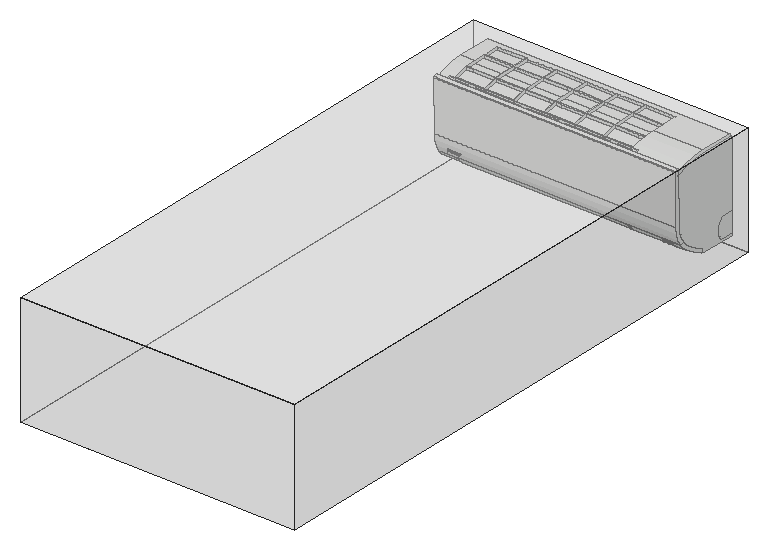
Revit family "outputfile", category 機械設備, Revit 2024
Family settings
  丸型コネクタ寸法 = 半径を使用
  パーツ タイプ = 標準
  OmniClass 番号 = 23.75.10.24.21.27.27
  OmniClass タイトル = Split System Air Conditioning Units
  作業面ベース = いいえ
  常に垂直 = はい
  ロード時にボイドで切り取り = いいえ
  注釈の向きを維持 = いいえ
  共有 = いいえ
  部屋計算ポイント = いいえ
Parameters (values of type "FTKF20DVA")
  Description = ""
  書き出し IFC クラス(タイプ) = "IfcUnitaryEquipmentType"
  定義済み IFC タイプ(タイプ) = "AIRCONDITIONINGUNIT"
  Cost = 0
  Type Comments = ""
  Keynote = ""
  Type Image = (empty or 0)
  Assembly Code = ""
  switch_frequency = yes
  lw_connection [instance] = if(Width = 730.0 mm, 85.0 mm, if(Width = 770.0 mm, 48.0 mm, 60.0 mm))  # 85.0 mm
  製造元 = "Daikin"
  モデル = "FTKF20DVA"
  r_Liquid Pipe Size = Liquid Pipe Size / 2  # 3.2 mm
  r_Gas Pipe Size = Gas Pipe Size / 2  # 4.75 mm
  r_Drain Pipe Size = Drain Pipe Size / 2  # 9.55 mm
  lw_powersupply [instance] = if(Width = 730.0 mm, if(or(Rear Right Connection_refrigerant, Bottom Right Connection_refrigerant), 65.0 mm, if(or(Rear Left Connection_refrigerant, Bottom Left Connection_refrigerant), 695.0 mm, 400.0 mm)), if(Width = 770.0 mm, if(or(Rear Right Connection_refrigerant, Bottom Right Connection_refrigerant), 68.0 mm, if(or(Rear Left Connection_refrigerant, Bottom Left Connection_refrigerant), 705.0 mm, 400.0 mm)), if(or(Rear Right Connection_refrigerant, Bottom Right Connection_refrigerant), 83.0 mm, if(or(Rear Left Connection_refrigerant, Bottom Left Connection_refrigerant), 928.0 mm, 400.0 mm))))  # 400.0 mm
  lw_liquidpipe [instance] = if(Width = 730.0 mm, if(or(Rear Right Connection_refrigerant, Bottom Right Connection_refrigerant), 0.0 mm, if(or(Rear Left Connection_refrigerant, Bottom Left Connection_refrigerant), 582.0 mm, 473.0 mm)), if(Width = 770.0 mm, if(or(Rear Right Connection_refrigerant, Bottom Right Connection_refrigerant), 0.0 mm, if(or(Rear Left Connection_refrigerant, Bottom Left Connection_refrigerant), 682.0 mm, 385.0 mm)), if(or(Rear Right Connection_refrigerant, Bottom Right Connection_refrigerant), 10.0 mm, if(or(Rear Left Connection_refrigerant, Bottom Left Connection_refrigerant), 858.0 mm, 435.0 mm))))  # 473.0 mm
  lw_gaspipe [instance] = if(Width = 730.0 mm, if(or(Rear Right Connection_refrigerant, Bottom Right Connection_refrigerant), 0.0 mm, if(or(Rear Left Connection_refrigerant, Bottom Left Connection_refrigerant), 576.0 mm, 428.0 mm)), if(Width = 770.0 mm, if(or(Rear Right Connection_refrigerant, Bottom Right Connection_refrigerant), 0.0 mm, if(or(Rear Left Connection_refrigerant, Bottom Left Connection_refrigerant), 675.0 mm, 335.0 mm)), if(or(Rear Right Connection_refrigerant, Bottom Right Connection_refrigerant), 0.0 mm, if(or(Rear Left Connection_refrigerant, Bottom Left Connection_refrigerant), 851.0 mm, 400.0 mm))))  # 428.0 mm
  lw_drainpipe [instance] = if(Width = 730.0 mm, if(or(Rear Right Connection_refrigerant, Bottom Right Connection_refrigerant), 0.0 mm, if(or(Rear Left Connection_refrigerant, Bottom Left Connection_refrigerant), 590.0 mm, 488.0 mm)), if(Width = 770.0 mm, if(or(Rear Right Connection_refrigerant, Bottom Right Connection_refrigerant), 0.0 mm, if(or(Rear Left Connection_refrigerant, Bottom Left Connection_refrigerant), 695.0 mm, 440.0 mm)), if(or(Rear Right Connection_refrigerant, Bottom Right Connection_refrigerant), 0.0 mm, if(or(Rear Left Connection_refrigerant, Bottom Left Connection_refrigerant), 888.0 mm, 475.0 mm))))  # 488.0 mm
  l_powersupply_length [instance] = if(Width = 730.0 mm, if(Right Connection_refrigerant, 400.0 mm, if(Left Connection_refrigerant, 330.0 mm, if(or(Bottom Left Connection_refrigerant, Bottom Right Connection_refrigerant), 57.0 mm, if(or(Rear Left Connection_refrigerant, Rear Right Connection_refrigerant), 15.0 mm, 50.0 mm)))), if(Width = 770.0 mm, if(Right Connection_refrigerant, 400.0 mm, if(Left Connection_refrigerant, 370.0 mm, if(or(Bottom Left Connection_refrigerant, Bottom Right Connection_refrigerant), 57.0 mm, if(or(Rear Left Connection_refrigerant, Rear Right Connection_refrigerant), 15.0 mm, 50.0 mm)))), if(Right Connection_refrigerant, 400.0 mm, if(Left Connection_refrigerant, 590.0 mm, if(or(Bottom Left Connection_refrigerant, Bottom Right Connection_refrigerant), 57.0 mm, if(or(Rear Left Connection_refrigerant, Rear Right Connection_refrigerant), 15.0 mm, 50.0 mm))))))  # 400.0 mm
  l_liquidpipe_length [instance] = if(Width = 730.0 mm, if(Right Connection_refrigerant, 558.0 mm, if(Left Connection_refrigerant, 172.0 mm, if(or(Bottom Left Connection_refrigerant, Bottom Right Connection_refrigerant), 48.0 mm, if(or(Rear Left Connection_refrigerant, Rear Right Connection_refrigerant), 30.0 mm, 40.0 mm)))), if(Width = 770.0 mm, if(Right Connection_refrigerant, 433.0 mm, if(Left Connection_refrigerant, 337.0 mm, if(or(Bottom Left Connection_refrigerant, Bottom Right Connection_refrigerant), 48.0 mm, if(or(Rear Left Connection_refrigerant, Rear Right Connection_refrigerant), 30.0 mm, 40.0 mm)))), if(Right Connection_refrigerant, 495.0 mm, if(Left Connection_refrigerant, 495.0 mm, if(or(Bottom Left Connection_refrigerant, Bottom Right Connection_refrigerant), 48.0 mm, if(or(Rear Left Connection_refrigerant, Rear Right Connection_refrigerant), 30.0 mm, 40.0 mm))))))  # 558.0 mm
  l_gaspipe_length [instance] = if(Width = 730.0 mm, if(Right Connection_refrigerant, 513.0 mm, if(Left Connection_refrigerant, 217.0 mm, if(or(Bottom Left Connection_refrigerant, Bottom Right Connection_refrigerant), 57.0 mm, if(or(Rear Left Connection_refrigerant, Rear Right Connection_refrigerant), 40.0 mm, 50.0 mm)))), if(Width = 770.0 mm, if(Right Connection_refrigerant, 383.0 mm, if(Left Connection_refrigerant, 387.0 mm, if(or(Bottom Left Connection_refrigerant, Bottom Right Connection_refrigerant), 57.0 mm, if(or(Rear Left Connection_refrigerant, Rear Right Connection_refrigerant), 40.0 mm, 50.0 mm)))), if(Right Connection_refrigerant, 460.0 mm, if(Left Connection_refrigerant, 530.0 mm, if(or(Bottom Left Connection_refrigerant, Bottom Right Connection_refrigerant), 57.0 mm, if(or(Rear Left Connection_refrigerant, Rear Right Connection_refrigerant), 40.0 mm, 50.0 mm))))))  # 513.0 mm
  l_drainpipe_length [instance] = if(Width = 730.0 mm, if(Right Connection_refrigerant, 573.0 mm, if(Left Connection_refrigerant, 157.0 mm, if(or(Bottom Left Connection_refrigerant, Bottom Right Connection_refrigerant), 35.0 mm, if(or(Rear Left Connection_refrigerant, Rear Right Connection_refrigerant), 15.0 mm, 20.0 mm)))), if(Width = 770.0 mm, if(Right Connection_refrigerant, 488.0 mm, if(Left Connection_refrigerant, 282.0 mm, if(or(Bottom Left Connection_refrigerant, Bottom Right Connection_refrigerant), 35.0 mm, if(or(Rear Left Connection_refrigerant, Rear Right Connection_refrigerant), 15.0 mm, 20.0 mm)))), if(Right Connection_refrigerant, 535.0 mm, if(Left Connection_refrigerant, 455.0 mm, if(or(Bottom Left Connection_refrigerant, Bottom Right Connection_refrigerant), 35.0 mm, if(or(Rear Left Connection_refrigerant, Rear Right Connection_refrigerant), 15.0 mm, 20.0 mm))))))  # 573.0 mm
  h*** = 0.0 mm  # constant formula
  connector_voltage = Voltage_60Hz  # 220 V
  connector_powerinput = [Power Input (Cooling)]  # 0.000 kW
  connector_phase = Phase_60Hz  # 1
  angle_vertical [instance] = if(or(Bottom Left Connection_refrigerant, Bottom Right Connection_refrigerant), 0.00°, 90.00°)  # 90.00°
  angle_horizontal [instance] = if(Right Connection_refrigerant, 90.00°, if(Left Connection_refrigerant, -90.00°, if(or(Rear Left Connection_refrigerant, Rear Right Connection_refrigerant), 180.00°, 0.00°)))  # 90.00°
  Width = 730.0 mm
  Voltage_comment_60Hz = "220"
  Voltage_60Hz = 220 V
  Version = "ver.1.0"
  Unit Type = "Wall Mounted"
  Unit Mass Weight = 8.50 kg
  Unit Designation [instance] = ""
  Uniclass2015Version = "Products v1.30"
  Uniclass2015Title = "Split coil room air conditioning units"
  Uniclass2015Code = "Pr_70_65_03_86"
  URL = ""
  Total Cooling Capacity [instance] = 0.000 kW
  Sound Pressure Level_M speed (dBA) = 33
  Sound Pressure Level_L speed (dBA) = 26
  Sound Pressure Level_H speed (dBA) = 39
  Sound Power Level_H speed (dB) = 0
  Series = "Single Split_Fan Coil Unit"
  Sensible Cooling Capacity [instance] = 0.000 kW
  Refrigerant Type = "R32"
  Power Input (Cooling) = 0.000 kW
  Phase_60Hz = 1
  Option Accessory 3 [instance] = ""
  Option Accessory 2 [instance] = ""
  Option Accessory 1 [instance] = ""
  Nominal Cooling Capacity = 1.990 kW
  Minimum Circuit Amps_60Hz = 0.0 A
  Minimum Airflow = 348.00 m³/h
  Median Airflow = 442.00 m³/h
  Maximum Fuse Amps_60Hz = 0.0 A
  Maximum Airflow = 578.00 m³/h
  Material_Casing = DAIKIN_White_Casing_indoorunit
  Load Classification = HVAC
  Liquid Pipe Size = 6.4 mm
  Link_Nested Family [instance] = ""
  IfcVersion = ""
  IfcExportType = "AIRCONDITIONINGUNIT"
  IfcExportAs = "IfcUnitaryEquipmentType"
  Height = 280.0 mm
  Heat Exchanger Type = "Cross Fin Coil"
  Gas Pipe Size = 9.5 mm
  Frequency_60Hz = 60 Hz
  Fan Type = "Cross Flow Fan"
  Fan Drive = "Direct Drive"
  FCU Tag No. [instance] = ""
  Drain Pipe Size = 19.1 mm
  Design Supply Airflow [instance] = 0.00 m³/h
  Depth = 213.0 mm
  既定の高さ = 0.0 mm
  Cooling Entering Wet Bulb Temperature [instance] = 0.00 °C
  Cooling Entering Dry Bulb Temperature [instance] = 0.00 °C
  Cooling Ambient Wet Bulb Temperature [instance] = 0.00 °C
  Cooling Ambient Dry Bulb Temperature [instance] = 0.00 °C
  Clearance visibility [instance] = yes
  Clearance Top = 30.0 mm
  Clearance Right = 50.0 mm
  Clearance Rear = 0.0 mm
  Clearance Left = 50.0 mm
  Clearance Front = 1500.0 mm
  Clearance Bottom = 30.0 mm
  Bottom Right Connection_refrigerant [instance] = no
  Bottom Left Connection_refrigerant [instance] = no
  Rear Right Connection_refrigerant [instance] = no
  Rear Left Connection_refrigerant [instance] = no
  Right Connection_refrigerant [instance] = yes
  Left Connection_refrigerant [instance] = no
Reference planes
  plane 1 "Back": y = 0
  plane 2: z = 0
  plane 3 "Center (Left/Right)": x = 0
  plane 4 "Center (Front/Back)": y = -106.5
  plane 5 "Front": y = -213
  plane 6 "Left": x = -365
  plane 7 "Right": x = 365
  plane 8 "Top": z = 0
  plane 9 "Bottom": z = -280
  plane 10 "Front panel_Left": x = -363
  plane 11 "Front panel_Right": x = 363
  plane 12: x = 229
  plane 13: x = 224
  plane 14: x = -415
  plane 15: x = 415
  plane 16: y = 0
  plane 17: y = -213
  plane 18: z = 30
  plane 19: z = -310
  plane 20 "lw_Piping and Wiring intake": x = 280
  plane 21 "lw_gaspipe": x = -148
  plane 22 "lw_liquidpipe": x = -193
  plane 23 "lw_drainpipe": x = -208
  plane 24 "lh_drainpipe": z = -245
  plane 25 "lh_liquidpipe": z = -232
  plane 26 "lh_gaspipe": z = -223
  plane 27 "ld_drainpipe": y = -15
  plane 28 "ld_liquidpipe": y = -30
  plane 29 "ld_gaspipe": y = -40
  plane 30 "lw_powersupply": x = -35
  plane 31: y = -1713
Dimensions and locks
  equal spacing: plane 6 "Left", plane 3 "Center (Left/Right)", plane 7 "Right"
  "Width": plane 6 "Left" to plane 7 "Right"
  equal spacing: plane 5 "Front", plane 4 "Center (Front/Back)", plane 1 "Back"
  "Depth": plane 5 "Front" to plane 1 "Back"
  "Height": plane 8 "Top" to plane 9 "Bottom"
  locked: plane 10 "Front panel_Left" to plane 6 "Left" at 2
  locked: plane 7 "Right" to plane 11 "Front panel_Right" at 2
  locked: plane 7 "Right" to plane 12 at 136
  locked: plane 12 to plane 13 at 5
  "Clearance Rear": plane 16 to plane 1 "Back"
  "Clearance Top": plane 18 to plane 8 "Top"
  "Clearance Bottom": plane 9 "Bottom" to plane 19
  "lw_connection": plane 20 "lw_Piping and Wiring intake" to plane 7 "Right"
  "lw_gaspipe": plane 21 "lw_gaspipe" to plane 20 "lw_Piping and Wiring intake"
  "lw_liquidpipe": plane 22 "lw_liquidpipe" to plane 20 "lw_Piping and Wiring intake"
  "lw_drainpipe": plane 23 "lw_drainpipe" to plane 20 "lw_Piping and Wiring intake"
  locked: plane 24 "lh_drainpipe" to plane 9 "Bottom" at 35
  locked: plane 25 "lh_liquidpipe" to plane 9 "Bottom" at 48
  locked: plane 26 "lh_gaspipe" to plane 9 "Bottom" at 57
  locked: plane 27 "ld_drainpipe" to plane 1 "Back" at 15
  locked: plane 1 "Back" to plane 28 "ld_liquidpipe" at 30
  locked: plane 1 "Back" to plane 29 "ld_gaspipe" at 40
  "lw_powersupply": plane 30 "lw_powersupply" to plane 7 "Right"
  "Clearance Right": plane 7 "Right" to plane 15
  "Clearance Left": plane 14 to plane 6 "Left"
  "Clearance Front": plane 5 "Front" to plane 31
  aligned and locked: level to plane 2
  aligned and locked: plane 16 to nested 1
  aligned and locked: nested 1 to plane 14
  aligned and locked: nested 1 to plane 15
  aligned and locked: plane 19 to nested 1
  aligned and locked: plane 18 to nested 1
  aligned and locked: plane 21 "lw_gaspipe" to nested 2
  aligned and locked: nested 2 to plane 29 "ld_gaspipe"
  aligned and locked: plane 22 "lw_liquidpipe" to nested 3
  aligned and locked: nested 3 to plane 28 "ld_liquidpipe"
  aligned and locked: plane 23 "lw_drainpipe" to nested 4
  aligned and locked: nested 4 to plane 27 "ld_drainpipe"
  aligned and locked: nested 5 to plane 27 "ld_drainpipe"
  aligned and locked: plane 30 "lw_powersupply" to nested 5
  aligned and locked: level to plane 8 "Top"
  aligned and locked: nested 1 to plane 31
Nested families
  nested 1: "daikin_clearancespace" at (0, -856.5, -139.881), show <- "Clearance visibility", visible <- "Clearance visibility", Link_Nested Family <- "Link_Nested Family", type "daikin_clearancespace"
    with width 830.0 mm, show yes, height 340.0 mm, depth 1713.0 mm, Link_Nested Family ""
  nested 2: "daikin_connector_rotate3" at (-148, -40, -223), angle_vertical <- "angle_vertical", angle_horizontal <- "angle_horizontal", length <- "l_gaspipe_length", radius <- "r_Gas Pipe Size", type "daikin_connector_rotate3"
    with show no, radius 4.75 mm, length 513.0 mm, angle_vertical 90.00°, angle_horizontal 90.00°
  nested 3: "daikin_connector_rotate3" at (-193, -30, -232), angle_vertical <- "angle_vertical", angle_horizontal <- "angle_horizontal", radius <- "r_Liquid Pipe Size", length <- "l_liquidpipe_length", type "daikin_connector_rotate3"
    with show no, radius 3.2 mm, length 558.0 mm, angle_vertical 90.00°, angle_horizontal 90.00°
  nested 4: "daikin_connector_rotate3" at (-208, -15, -245), angle_vertical <- "angle_vertical", angle_horizontal <- "angle_horizontal", length <- "l_drainpipe_length", radius <- "r_Drain Pipe Size", type "daikin_connector_rotate3"
    with show no, radius 9.55 mm, length 573.0 mm, angle_vertical 90.00°, angle_horizontal 90.00°
  nested 5: "daikin_connector_rotate3" at (-35, -15, -223), angle_vertical <- "angle_vertical", angle_horizontal <- "angle_horizontal", length <- "l_powersupply_length", type "daikin_connector_rotate3"
    with show no, radius 10.0 mm, length 400.0 mm, angle_vertical 90.00°, angle_horizontal 90.00°
  nested 6: "DAIKIN_indoorunit_FTKF-DVA" at (-31, 0, 0), type "FTKF-DVA"
Connectors
  piping at (365, -40, -223), diameter 9.5, driven by "r_Gas Pipe Size"
    settings: on nested 2, index 1, connector inside diameter 609.6 mm, connector length 0.0 mm, flow factor 0, pipe flow 0.00 m³/h, pressure drop 0.0 Pa, fitting loss kfactor 0, connector angle 0.00°, fixture units 0, engagement length 0.0 mm, angle of deflection 0.00°, flow configuration 1, flow direction 2, fitting loss method 0, system type 29, joint type 0, gender type 0, connector reference index -1, connector utility 0, adjustable connector no, is connector primary yes, connector description "Refrigerant Gas Piping"
  piping at (365, -30, -232), diameter 6.4, driven by "r_Liquid Pipe Size"
    settings: on nested 3, index 2, connector inside diameter 609.6 mm, connector length 0.0 mm, flow factor 0, pipe flow 0.00 m³/h, pressure drop 0.0 Pa, fitting loss kfactor 0, connector angle 0.00°, fixture units 0, engagement length 0.0 mm, angle of deflection 0.00°, flow configuration 1, flow direction 1, fitting loss method 0, system type 29, joint type 0, gender type 0, connector reference index -1, connector utility 0, adjustable connector no, is connector primary no, connector description "Refrigerant Liquid Piping"
  piping at (365, -15, -245), diameter 19.1, driven by "r_Drain Pipe Size"
    settings: on nested 4, index 3, connector inside diameter 609.6 mm, connector length 0.0 mm, flow factor 0, pipe flow 0.00 m³/h, pressure drop 0.0 Pa, fitting loss kfactor 0, connector angle 0.00°, fixture units 0, engagement length 0.0 mm, angle of deflection 0.00°, flow configuration 1, flow direction 2, fitting loss method 4, system type 16, joint type 0, gender type 0, connector reference index -1, connector utility 0, adjustable connector no, is connector primary no, connector description "Condensate Drain Piping"
  electrical at (365, -15, -223), driven by "Load Classification", driven by "connector_voltage", driven by "connector_phase", driven by "connector_powerinput"
    settings: on nested 5, index 4, voltage 220 V, apparent load 0 VA, apparent load phase1 0 VA, apparent load phase2 0 VA, apparent load phase3 0 VA, power factor 1, load classification "HVAC", number of poles 1, system type 30, power factor state 1, is connector primary yes, connector utility no, sub classification motor no, connector description "Power Supply"
Definition of nested family "daikin_clearancespace"
  Parameters (values of type "daikin_clearancespace")
    Description = "daikin_clearancespace"
    width [instance] = 1823.963 mm
    show [instance] = yes
    material = none
    height [instance] = 1359.762 mm
    depth [instance] = 880.0 mm
    Default Elevation = 0.0 mm
    Link_Nested Family [instance] = ""
  Reference planes
    plane 1 "Center (Front/Back)": y = 0
    plane 2 "Center (Elevation)": z = -0.119
    plane 3 "Center (Left/Right)": x = 0
    plane 4: y = 440
    plane 5: y = -440
    plane 6 "Right": x = 911.982
    plane 7 "Left": x = -911.982
    plane 8 "Top": z = 679.762
    plane 9 "Bottom": z = -680
  Forms (mm)
    Extrusion 1, solid, material <- "material", visible <- "show"
      sketch origin (0, 0, 0) x (1, 0, 0) y (0, 1, 0)
        loop
          line (-911.982, 440) -> (-911.982, -440) -> (911.982, -440) -> (911.982, 440) -> (-911.982, 440)
      from -680 to 679.762
  Lines and regions (mm)
    symbolic lines, visible <- "show"
      curve 1: line (911.982, 440, 0) -> (-911.982, 440, 0)
      curve 2: line (-911.982, 440, 0) -> (-911.982, -440, 0)
      curve 3: line (-911.982, -440, 0) -> (911.982, -440, 0)
      curve 4: line (911.982, -440, 0) -> (911.982, 440, 0)
      curve 5: line (911.982, 0, 679.762) -> (-911.982, 0, 679.762)
      curve 6: line (911.982, 0, -680) -> (911.982, 0, 679.762)
      curve 7: line (-911.982, 0, -680) -> (911.982, 0, -680)
      curve 8: line (-911.982, 0, 679.762) -> (-911.982, 0, -680)
      curve 9: line (0, 440, 679.762) -> (0, -440, 679.762)
      curve 10: line (0, -440, 679.762) -> (0, -440, -680)
      curve 11: line (0, 440, -680) -> (0, 440, 679.762)
      curve 12: line (0, -440, -680) -> (0, 440, -680)
  Dimensions and locks
    "width": plane 7 "Left" to plane 6 "Right"
    "depth": plane 4 to plane 5
    "height": plane 8 "Top" to plane 9 "Bottom"
    equal spacing: plane 7 "Left", plane 3 "Center (Left/Right)", plane 6 "Right"
    equal spacing: plane 4, plane 1 "Center (Front/Back)", plane 5
    equal spacing: plane 8 "Top", plane 2 "Center (Elevation)", plane 9 "Bottom"
    aligned and locked: level to plane 2 "Center (Elevation)"
    aligned and locked: Extrusion 1 sketch curve to plane 4
    aligned and locked: plane 7 "Left" to Extrusion 1 sketch curve
    aligned and locked: Extrusion 1 sketch curve to plane 5
    aligned and locked: Extrusion 1 sketch curve to plane 6 "Right"
    aligned and locked: plane 8 "Top" to Extrusion 1
    aligned and locked: curve 1 to Extrusion 1
    aligned and locked: curve 2 to Extrusion 1
    aligned and locked: curve 3 to Extrusion 1
    aligned and locked: curve 4 to Extrusion 1
    aligned and locked: curve 5 to Extrusion 1
    aligned and locked: curve 6 to Extrusion 1
    aligned and locked: curve 7 to Extrusion 1
    aligned and locked: curve 8 to Extrusion 1
    aligned and locked: curve 9 to Extrusion 1
    aligned and locked: curve 10 to Extrusion 1
    aligned and locked: curve 11 to Extrusion 1
    aligned and locked: curve 12 to Extrusion 1
    aligned and locked: Extrusion 1 to plane 9 "Bottom"
Definition of nested family "DAIKIN_indoorunit_FTKF-DVA"
  Parameters (values of type "FTKF-DVA")
    switch_unit1_60-71 = Width = 990.0 mm  # no
    switch_unit1_35-50 = Width = 770.0 mm  # no
    switch_unit1_20-25 = Width = 730.0 mm  # yes
    Width = 730.0 mm
    WALL HOLE-R = if(Width = 730.0 mm, 79.0 mm, 48.0 mm)  # 79.0 mm
    Material_Casing = none
    Height = if(Width = 730.0 mm, 280.0 mm, if(Width = 770.0 mm, 288.0 mm, 297.0 mm))  # 280.0 mm
    Default Elevation = 0.0 mm
  Reference planes
    plane 1 "Center (Front/Back)": y = 0
    plane 2 "reference_level": z = 0
    plane 3 "Center (Left/Right)": x = 31
    plane 4: x = -334
    plane 5: x = 396
    plane 6: z = -280
  Forms (mm)
    Extrusion 1, solid, material <- "Material_Casing", visible <- "switch_unit1_20-25"
      sketch origin (31, 0, 0) x (0, 1, 0) y (0, 0, 1)
        loop
          line (-109.519, -8) -> (-2.596, -8) -> (-8.198, 0) -> (-109.608, 0)
          arc (-109.608, 0) -> (-157.226, -5.2) -> (-202.599, -20.555) r 220.623
          line (-202.599, -20.555) -> (-202.447, -29.25)
          arc (-202.447, -29.25) -> (-157.182, -13.38) -> (-109.519, -8) r 213.82
      from -365 to 365
    Extrusion 2, solid, material <- "Material_Casing", visible <- "switch_unit1_20-25"
      sketch origin (416, 1304.033, 1200.206) x (0, 1, 0) y (0, 0, 1)
        loop
          arc (-1496.513, -1423.164) -> (-1487.225, -1434.204) -> (-1476.373, -1443.711) r 95
          arc (-1476.373, -1443.711) -> (-1448.371, -1461.92) -> (-1418.191, -1476.232) r 250
          line (-1418.191, -1476.232) -> (-1418.191, -1465.318)
          arc (-1418.191, -1465.318) -> (-1445.052, -1452.134) -> (-1470.063, -1435.711) r 240
          arc (-1470.063, -1435.711) -> (-1477.766, -1429.186) -> (-1484.641, -1421.794) r 85
          line (-1484.641, -1421.794) -> (-1496.513, -1423.164)
      from -20 to -177
    Extrusion 3, solid, material <- "Material_Casing", visible <- "switch_unit1_20-25"
      sketch origin (31, 0, 0) x (0, 1, 0) y (0, 0, 1)
        loop
          line (-202.769, -10.816) -> (-211.618, -13.692)
          arc (-211.618, -13.692) -> (-212.628, -14.432) -> (-213, -15.629) r 2
          line (-213, -15.629) -> (-210.348, -167.5)
          arc (-210.348, -167.5) -> (-206.029, -195.818) -> (-193.465, -221.562) r 95
          line (-193.465, -221.562) -> (-181.653, -220.199)
          arc (-181.653, -220.199) -> (-195.31, -195.356) -> (-200.037, -167.403) r 85
          line (-200.037, -167.403) -> (-202.769, -10.816)
      from -365 to 365
    Extrusion 4, solid, material <- "Material_Casing", visible <- "switch_unit1_20-25"
      sketch origin (31, 0, 0) x (0, 1, 0) y (0, 0, 1)
        loop
          line (0, -280) -> (0, -11.707) -> (-2.596, -8) -> (-109.519, -8)
          arc (-109.519, -8) -> (-156.378, -13.198) -> (-200.959, -28.539) r 213.82
          line (-200.959, -28.539) -> (-198.537, -167.295)
          arc (-198.537, -167.295) -> (-189.766, -204.754) -> (-165.131, -234.305) r 83.5
          arc (-165.131, -234.305) -> (-139.841, -250.873) -> (-112.659, -264.109) r 238.5
          line (-112.659, -264.109) -> (-112.659, -276.338)
          arc (-112.659, -276.338) -> (-100.834, -279.079) -> (-88.731, -280) r 80
          line (-88.731, -280) -> (0, -280)
      from -365 to 365
    Extrusion 5, solid, material <- "Material_Casing", visible <- "switch_unit1_20-25"
      sketch origin (-354, 1304.033, 1200.206) x (0, 1, 0) y (0, 0, 1)
        loop
          arc (-1496.513, -1423.164) -> (-1487.225, -1434.204) -> (-1476.373, -1443.711) r 95
          arc (-1476.373, -1443.711) -> (-1448.371, -1461.92) -> (-1418.191, -1476.232) r 250
          line (-1418.191, -1476.232) -> (-1418.191, -1465.318)
          arc (-1418.191, -1465.318) -> (-1445.052, -1452.134) -> (-1470.063, -1435.711) r 240
          arc (-1470.063, -1435.711) -> (-1477.766, -1429.186) -> (-1484.641, -1421.794) r 85
          line (-1484.641, -1421.794) -> (-1496.513, -1423.164)
      from 72 to 20
    Extrusion 6, solid, material <- "Material_Casing", visible <- "switch_unit1_20-25"
      sketch origin (31, 7.782, 0.206) x (0, 1, 0) y (0, 0, 1)
        loop
          line (-188.39, -221.794) -> (-200.262, -223.164)
          arc (-200.262, -223.164) -> (-190.975, -234.204) -> (-180.122, -243.711) r 95
          arc (-180.122, -243.711) -> (-152.12, -261.92) -> (-121.941, -276.232) r 250
          line (-121.941, -276.232) -> (-121.941, -265.318)
          arc (-121.941, -265.318) -> (-148.801, -252.134) -> (-173.813, -235.711) r 240
          arc (-173.813, -235.711) -> (-181.515, -229.186) -> (-188.39, -221.794) r 85
      from 204 to -309
    Extrusion 7, void
      sketch origin (31, 0, -235) x (1, 0, 0) y (0, 1, 0)
        loop
          line (-324.633, -72.419) -> (-304, -73.5) -> (-234.9, -73.5) -> (-234.9, -24.5) -> (-324.633, -24.5) -> (-324.633, -72.419)
        loop
          line (-304, -74.9) -> (-324.633, -75.939) -> (-324.633, -139.819) -> (-304, -140.9) -> (-234.9, -140.9) -> (-234.9, -74.9) -> (-304, -74.9)
        loop
          line (-304, -142.3) -> (-324.633, -143.326) -> (-324.633, -182.209) -> (-300, -183.5) -> (-234.9, -183.5) -> (-234.9, -142.3) -> (-304, -142.3)
        loop
          line (-233.5, -142.3) -> (-233.5, -183.5) -> (-146.9, -183.5) -> (-146.9, -142.3) -> (-233.5, -142.3)
        loop
          line (-233.5, -140.9) -> (-146.9, -140.9) -> (-146.9, -74.9) -> (-233.5, -74.9) -> (-233.5, -140.9)
        loop
          line (-233.5, -73.5) -> (-146.9, -73.5) -> (-146.9, -24.5) -> (-233.5, -24.5) -> (-233.5, -73.5)
        loop
          line (-145.5, -73.5) -> (-74.9, -73.5) -> (-54.9, -72.452) -> (-54.9, -24.5) -> (-145.5, -24.5) -> (-145.5, -73.5)
        loop
          line (-145.5, -74.9) -> (-145.5, -140.9) -> (-74.9, -140.9) -> (-54.9, -139.852) -> (-54.9, -75.948) -> (-74.9, -74.9) -> (-145.5, -74.9)
        loop
          line (-145.5, -142.3) -> (-145.5, -183.5) -> (-74.9, -183.5) -> (-54.9, -182.452) -> (-54.9, -143.348) -> (-74.9, -142.3) -> (-145.5, -142.3)
        loop
          line (-53.5, -24.5) -> (-53.5, -72.452) -> (-33.5, -73.5) -> (36.5, -73.5) -> (36.5, -24.5) -> (-53.5, -24.5)
        loop
          line (-53.5, -75.948) -> (-53.5, -139.852) -> (-33.5, -140.9) -> (36.5, -140.9) -> (36.5, -74.9) -> (-33.5, -74.9) -> (-53.5, -75.948)
        loop
          line (-33.5, -142.3) -> (-53.5, -143.348) -> (-53.5, -182.452) -> (-33.5, -183.5) -> (36.5, -183.5) -> (36.5, -142.3) -> (-33.5, -142.3)
        loop
          line (37.9, -24.5) -> (37.9, -73.5) -> (124.9, -73.5) -> (124.9, -24.5) -> (37.9, -24.5)
        loop
          line (37.9, -74.9) -> (37.9, -140.9) -> (124.9, -140.9) -> (124.9, -74.9) -> (37.9, -74.9)
        loop
          line (37.9, -142.3) -> (37.9, -183.5) -> (124.9, -183.5) -> (124.9, -142.3) -> (37.9, -142.3)
        loop
          line (126.3, -24.5) -> (126.3, -73.5) -> (195.6, -73.5) -> (216, -72.431) -> (216, -24.5) -> (126.3, -24.5)
        loop
          line (126.3, -74.9) -> (126.3, -140.9) -> (198.5, -140.9) -> (216, -139.983) -> (216, -75.817) -> (198.5, -74.9) -> (126.3, -74.9)
        loop
          line (126.3, -142.3) -> (126.3, -183.5) -> (198.337, -183.5) -> (216, -182.623) -> (216, -143.217) -> (198.5, -142.3) -> (126.3, -142.3)
      from 201.638 to 250
    Extrusion 8, solid, material <- "Material_Casing"
      sketch origin (31, 0, 0) x (1, 0, 0) y (0, 0, 1)
        loop
          circle (286, -235) r 40
        loop
          circle (-317, -235) r 40
      from 0 to 5
    Extrusion 9, solid, material <- "Material_Casing", visible <- "switch_unit1_20-25"
      sketch origin (396, 1296.25, 1200) x (0, -1, 0) y (0, 0, 1)
        loop
          line (1326.25, -1413) -> (1296.25, -1413) -> (1296.25, -1473) -> (1326.25, -1473)
          arc (1326.25, -1473) -> (1340.393, -1467.142) -> (1346.25, -1453) r 20
          line (1346.25, -1453) -> (1346.25, -1433)
          arc (1346.25, -1433) -> (1340.393, -1418.858) -> (1326.25, -1413) r 20
      from 0 to 5
    Extrusion 10, solid, material <- "Material_Casing", visible <- "switch_unit1_20-25"
      sketch origin (-334, 1296.25, 1200) x (0, 1, 0) y (0, 0, 1)
        loop
          line (-1296.25, -1413) -> (-1326.25, -1413)
          arc (-1326.25, -1413) -> (-1340.393, -1418.858) -> (-1346.25, -1433) r 20
          line (-1346.25, -1433) -> (-1346.25, -1453)
          arc (-1346.25, -1453) -> (-1340.393, -1467.142) -> (-1326.25, -1473) r 20
          line (-1326.25, -1473) -> (-1296.25, -1473) -> (-1296.25, -1413)
      from 0 to 5
    Extrusion 11, solid, material <- "Material_Casing", visible <- "switch_unit1_20-25"
      sketch origin (11, 0, -285) x (-1, 0, 0) y (0, -1, 0)
        loop
          line (-279, 0) -> (-279, 30)
          arc (-279, 30) -> (-284.419, 43.081) -> (-297.5, 48.5) r 18.5
          line (-297.5, 48.5) -> (-320.5, 48.5)
          arc (-320.5, 48.5) -> (-333.581, 43.081) -> (-339, 30) r 18.5
          line (-339, 30) -> (-339, 0) -> (-279, 0)
        loop
          line (326, 0) -> (326, 30)
          arc (326, 30) -> (320.581, 43.081) -> (307.5, 48.5) r 18.5
          line (307.5, 48.5) -> (284.5, 48.5)
          arc (284.5, 48.5) -> (271.419, 43.081) -> (266, 30) r 18.5
          line (266, 30) -> (266, 0) -> (326, 0)
      from 10 to 5
    Extrusion 12, solid, material <- "Material_Casing", visible <- "switch_unit1_35-50"
      sketch origin (31, 0, 0) x (0, 1, 0) y (0, 0, 1)
        loop
          line (-5, 0) -> (-45.84, 0)
          arc (-45.84, 0) -> (-135.906, -3.965) -> (-225.275, -15.831) r 1024.823
          arc (-225.275, -15.831) -> (-224.639, -21.302) -> (-223.878, -26.758) r 241.564
          arc (-223.878, -26.758) -> (-135.207, -14.947) -> (-45.84, -11) r 1013.66
          line (-45.84, -11) -> (0, -11) -> (0, -9.02) -> (-5, 0)
      from -385 to 385
    Extrusion 13, solid, material <- "Material_Casing", visible <- "switch_unit1_35-50"
      sketch origin (31, 0, 0) x (0, 1, 0) y (0, 0, 1)
        loop
          arc (-226.673, -12.416) -> (-229.519, -12.929) -> (-232.363, -13.449) r 1025.776
          arc (-232.363, -13.449) -> (-233.586, -14.198) -> (-233.994, -15.573) r 2
          line (-233.994, -15.573) -> (-218.08, -217.408)
          arc (-218.08, -217.408) -> (-211.296, -237.286) -> (-195.807, -251.472) r 42.415
          line (-195.807, -251.472) -> (-186.556, -243.946)
          arc (-186.556, -243.946) -> (-193.981, -235.221) -> (-197.648, -224.366) r 30.386
          line (-197.648, -224.366) -> (-226.673, -12.416)
      from -385 to 385
    Extrusion 14, void
      sketch origin (33, 0, 0) x (1, 0, 0) y (0, 1, 0)
        loop
          line (-357.499, -23.5) -> (-357.499, -96.7) -> (-255.999, -96.7) -> (-255.999, -23.5) -> (-357.499, -23.5)
        loop
          line (-255.999, -99.1) -> (-357.499, -99.1) -> (-357.499, -170.1) -> (-255.999, -170.1) -> (-255.999, -99.1)
        loop
          line (-255.999, -171.7) -> (-357.499, -171.7) -> (-357.499, -201.7) -> (-255.999, -201.7) -> (-255.999, -171.7)
        loop
          line (-253.399, -23.5) -> (-253.399, -96.7) -> (-153.899, -96.7) -> (-153.899, -23.5) -> (-253.399, -23.5)
        loop
          line (-253.399, -99.1) -> (-253.399, -170.1) -> (-153.899, -170.1) -> (-153.899, -99.1) -> (-253.399, -99.1)
        loop
          line (-153.899, -171.7) -> (-253.399, -171.7) -> (-253.399, -201.7) -> (-153.899, -201.7) -> (-153.899, -171.7)
        loop
          line (-56.549, -23.5) -> (-151.299, -23.5) -> (-151.299, -96.7) -> (-56.549, -96.7) -> (-56.549, -23.5)
        loop
          line (-151.299, -99.1) -> (-151.299, -170.1) -> (-56.549, -170.1) -> (-56.549, -99.1) -> (-151.299, -99.1)
        loop
          line (-56.549, -171.7) -> (-151.299, -171.7) -> (-151.299, -201.7) -> (-56.549, -201.7) -> (-56.549, -171.7)
        loop
          line (50.301, -23.5) -> (-44.549, -23.5) -> (-44.549, -96.7) -> (50.301, -96.7) -> (50.301, -23.5)
        loop
          line (-44.549, -99.1) -> (-44.549, -170.1) -> (50.301, -170.1) -> (50.301, -99.1) -> (-44.549, -99.1)
        loop
          line (50.301, -171.7) -> (-44.549, -171.7) -> (-44.549, -201.7) -> (50.301, -201.7) -> (50.301, -171.7)
        loop
          line (52.901, -23.5) -> (52.901, -96.7) -> (152.401, -96.7) -> (152.401, -23.5) -> (52.901, -23.5)
        loop
          line (52.901, -99.1) -> (52.901, -170.1) -> (152.401, -170.1) -> (152.401, -99.1) -> (52.901, -99.1)
        loop
          line (52.901, -171.7) -> (52.901, -201.7) -> (152.401, -201.7) -> (152.401, -171.7) -> (52.901, -171.7)
        loop
          line (155.001, -23.5) -> (155.001, -96.7) -> (256.501, -96.7) -> (256.501, -23.5) -> (155.001, -23.5)
        loop
          line (155.001, -99.1) -> (155.001, -170.1) -> (217.501, -170.1) -> (229.501, -170.1) -> (241.501, -170.1) -> (256.501, -170.1) -> (256.501, -152.1) -> (256.501, -134.1) -> (256.501, -116.1) -> (256.501, -99.1) -> (241.501, -99.1) -> (229.501, -99.1) -> (217.501, -99.1) -> (155.001, -99.1)
        loop
          line (155.001, -171.7) -> (155.001, -201.7) -> (217.501, -201.7) -> (229.501, -201.7) -> (241.501, -201.7) -> (256.501, -201.7) -> (256.501, -171.7) -> (241.501, -171.7) -> (229.501, -171.7) -> (217.501, -171.7) -> (155.001, -171.7)
      from -40.013 to 47.268
    Extrusion 15, solid, material <- "Material_Casing", visible <- "switch_unit1_35-50"
      sketch origin (-356, 1308.25, 1200) x (0, 1, 0) y (0, 0, -1)
        loop
          line (-1407.524, 1473.254) -> (-1407.524, 1484.154)
          arc (-1407.524, 1484.154) -> (-1456.679, 1472.122) -> (-1503.106, 1451.987) r 299.52
          line (-1503.106, 1451.987) -> (-1494.032, 1444.604)
          arc (-1494.032, 1444.604) -> (-1451.915, 1462.363) -> (-1407.524, 1473.254) r 288.723
      from -2 to -49.5
    Extrusion 16, solid, material <- "Material_Casing", visible <- "switch_unit1_35-50"
      sketch origin (418, 1308.25, 1200) x (0, 1, 0) y (0, 0, 1)
        loop
          arc (-1407.524, -1473.254) -> (-1451.915, -1462.363) -> (-1494.032, -1444.604) r 288.723
          line (-1494.032, -1444.604) -> (-1503.106, -1451.987)
          arc (-1503.106, -1451.987) -> (-1456.679, -1472.122) -> (-1407.524, -1484.154) r 299.52
          line (-1407.524, -1484.154) -> (-1407.524, -1473.254)
      from -2 to -119.5
    Extrusion 17, solid, material <- "Material_Casing", visible <- "switch_unit1_35-50"
      sketch origin (418, 1308.25, 1200) x (0, 1, 0) y (0, 0, 1)
        loop
          line (-1407.524, -1484.154) -> (-1407.524, -1473.254)
          arc (-1407.524, -1473.254) -> (-1451.915, -1462.363) -> (-1494.032, -1444.604) r 288.723
          line (-1494.032, -1444.604) -> (-1503.106, -1451.987)
          arc (-1503.106, -1451.987) -> (-1456.679, -1472.122) -> (-1407.524, -1484.154) r 299.52
      from -119.5 to -724.5
    Extrusion 18, solid, material <- "Material_Casing", visible <- "switch_unit1_35-50"
      sketch origin (31, 0, -30) x (0, 1, 0) y (0, 0, 1)
        loop
          arc (-45.84, 19) -> (-135.218, 15.052) -> (-223.901, 3.238) r 1013.66
          line (-223.901, 3.238) -> (-196.855, -194.257)
          arc (-196.855, -194.257) -> (-192.985, -205.344) -> (-185.107, -214.052) r 29.589
          arc (-185.107, -214.052) -> (-142.926, -231.76) -> (-98.473, -242.568) r 288.081
          line (-98.473, -242.568) -> (-98.525, -254.271)
          arc (-98.525, -254.271) -> (-75.337, -257.066) -> (-52, -258) r 292.099
          line (-52, -258) -> (0, -258) -> (0, 19) -> (-45.84, 19)
      from -385 to 385
    Extrusion 19, solid, material <- "Material_Casing", visible <- "switch_unit1_35-50"
      sketch origin (416, 1296.25, 1200) x (0, -1, 0) y (0, 0, 1)
        loop
          line (1329.05, -1409.6) -> (1296.25, -1409.6) -> (1296.25, -1469.6) -> (1329.05, -1469.6)
          arc (1329.05, -1469.6) -> (1342.627, -1463.976) -> (1348.25, -1450.4) r 19.2
          line (1348.25, -1450.4) -> (1348.25, -1428.8)
          arc (1348.25, -1428.8) -> (1342.627, -1415.224) -> (1329.05, -1409.6) r 19.2
      from 0 to 5
    Extrusion 20, solid, material <- "Material_Casing", visible <- "switch_unit1_35-50"
      sketch origin (-349, 1296.25, 1200) x (0, -1, 0) y (0, 0, 1)
        loop
          line (1329.05, -1409.6) -> (1296.25, -1409.6) -> (1296.25, -1469.6) -> (1329.05, -1469.6)
          arc (1329.05, -1469.6) -> (1342.627, -1463.976) -> (1348.25, -1450.4) r 19.2
          line (1348.25, -1450.4) -> (1348.25, -1428.8)
          arc (1348.25, -1428.8) -> (1342.627, -1415.224) -> (1329.05, -1409.6) r 19.2
      from 0 to 5
    Extrusion 21, solid, material <- "Material_Casing", visible <- "switch_unit1_35-50"
      sketch origin (31, 200, -288) x (-1, 0, 0) y (0, -1, 0)
        loop
          line (369, 200) -> (369, 232)
          arc (369, 232) -> (363.142, 246.142) -> (349, 252) r 20
          line (349, 252) -> (329, 252)
          arc (329, 252) -> (314.858, 246.142) -> (309, 232) r 20
          line (309, 232) -> (309, 200) -> (369, 200)
        loop
          line (-369, 200) -> (-309, 200) -> (-309, 232)
          arc (-309, 232) -> (-314.858, 246.142) -> (-329, 252) r 20
          line (-329, 252) -> (-349, 252)
          arc (-349, 252) -> (-363.142, 246.142) -> (-369, 232) r 20
          line (-369, 232) -> (-369, 200)
      from 0 to 5
    Extrusion 22, void
      sketch origin (0, 0, 0) x (1, 0, 0) y (0, 1, 0)
        loop
          line (-308, -185.757) -> (-308, -202.769) -> (262, -202.769) -> (262, -185.757) -> (-308, -185.757)
      from -35 to 0
    Extrusion 23, solid, material <- "Material_Casing", visible <- "switch_unit1_20-25"
      sketch origin (0, 0, 0) x (1, 0, 0) y (0, 1, 0)
        loop
          line (-308, -185.757) -> (-308, -202.757) -> (-293, -202.757) -> (-293, -185.757) -> (-308, -185.757)
        loop
          line (262, -185.757) -> (247, -185.757) -> (247, -202.757) -> (262, -202.757) -> (262, -185.757)
      from -35 to 0
    Extrusion 24, solid, material <- "Material_Casing", visible <- "switch_unit1_20-25"
      sketch origin (0, 0, 0) x (1, 0, 0) y (0, 1, 0)
        loop
          line (-293, -190.757) -> (-293, -202.757) -> (247, -202.757) -> (247, -190.757) -> (203.171, -190.757) -> (203.171, -194.257)
          arc (203.171, -194.257) -> (202.732, -195.318) -> (201.671, -195.757) r 1.5
          line (201.671, -195.757) -> (180.129, -195.757)
          arc (180.129, -195.757) -> (179.068, -195.318) -> (178.629, -194.257) r 1.5
          line (178.629, -194.257) -> (178.629, -190.757) -> (46.421, -190.757) -> (46.421, -194.257)
          arc (46.421, -194.257) -> (45.982, -195.318) -> (44.921, -195.757) r 1.5
          line (44.921, -195.757) -> (23.379, -195.757)
          arc (23.379, -195.757) -> (22.318, -195.318) -> (21.879, -194.257) r 1.5
          line (21.879, -194.257) -> (21.879, -190.757) -> (-68.079, -190.757) -> (-68.079, -194.257)
          arc (-68.079, -194.257) -> (-68.518, -195.318) -> (-69.579, -195.757) r 1.5
          line (-69.579, -195.757) -> (-91.121, -195.757)
          arc (-91.121, -195.757) -> (-92.182, -195.318) -> (-92.621, -194.257) r 1.5
          line (-92.621, -194.257) -> (-92.621, -190.757) -> (-224.829, -190.757) -> (-224.829, -194.257)
          arc (-224.829, -194.257) -> (-225.268, -195.318) -> (-226.329, -195.757) r 1.5
          line (-226.329, -195.757) -> (-247.871, -195.757)
          arc (-247.871, -195.757) -> (-248.932, -195.318) -> (-249.371, -194.257) r 1.5
          line (-249.371, -194.257) -> (-249.371, -190.757) -> (-293, -190.757)
      from -35 to 0
    Extrusion 25, void
      sketch origin (31, 0, 0) x (0, 1, 0) y (0, 0, 1)
        loop
          line (-185.757, -13.903) -> (-185.757, 0) -> (-205.202, 0) -> (-205.202, -21.715)
          arc (-205.202, -21.715) -> (-195.563, -17.601) -> (-185.757, -13.903) r 245
        loop
          line (-205.202, -30.526) -> (-205.202, -35) -> (-185.757, -35) -> (-185.757, -22.404)
          arc (-185.757, -22.404) -> (-195.57, -26.249) -> (-205.202, -30.526) r 237
      from 231 to -339
    Extrusion 26, void
      sketch origin (0, 0, 0) x (1, 0, 0) y (0, 1, 0)
        loop
          line (-341.401, -199.9) -> (-342.412, -238.673) -> (306.373, -238.673)
          spline (306.373, -238.673) -> (306.288, -235.451) -> (306.202, -232.228) -> (306.116, -229.002) -> (306.031, -225.775) -> (305.945, -222.546) -> (305.859, -219.316) -> (305.774, -216.084) -> (305.688, -212.85) -> (305.602, -209.615) -> (305.517, -206.378) -> (305.431, -203.14) -> (305.345, -199.9)
          line (305.345, -199.9) -> (290.148, -199.9) -> (290.015, -203.69) -> (-326.04, -203.69) -> (-326.173, -199.9) -> (-341.401, -199.9)
      from 0 to -34.101
    Extrusion 27, solid, material <- "Material_Casing", visible <- "switch_unit1_35-50"
      sketch origin (0, 0, 0) x (1, 0, 0) y (0, 1, 0)
        loop
          line (-324.05, -226.673) -> (-324.05, -203.69) -> (-326.04, -203.69) -> (-326.173, -199.9) -> (-341.401, -199.9) -> (-342.099, -226.673) -> (-324.05, -226.673)
        loop
          line (305.344, -199.9) -> (290.148, -199.9) -> (290.015, -203.69) -> (288.001, -203.69) -> (288.001, -226.673) -> (306.055, -226.673) -> (305.344, -199.9)
      from 0 to -30
    Extrusion 28, solid, material <- "Material_Casing", visible <- "switch_unit1_35-50"
      sketch origin (0, 0, 0) x (1, 0, 0) y (0, 1, 0)
        loop
          line (288.001, -203.69) -> (-324.05, -203.69) -> (-324.05, -226.673) -> (288.001, -226.673) -> (288.001, -203.69)
      from 0 to -30
    Extrusion 29, void
      sketch origin (31, 0, 0) x (0, 1, 0) y (0, 0, 1)
        loop
          arc (-223.878, -26.758) -> (-224.639, -21.302) -> (-225.275, -15.831) r 241.564
          arc (-225.275, -15.831) -> (-212.6, -13.659) -> (-199.9, -11.646) r 1024.823
          line (-199.9, -11.646) -> (-199.9, 0) -> (-238.673, 0) -> (-238.673, -30) -> (-199.9, -30) -> (-199.9, -22.776)
          arc (-199.9, -22.776) -> (-211.901, -24.695) -> (-223.878, -26.758) r 1013.66
      from -385 to 385
    Extrusion 30, void
      sketch origin (31, 12, 0) x (0, 1, 0) y (0, 0, 1)
        loop
          arc (-201.887, -254.601) -> (-173.585, -267.35) -> (-144.115, -277.1) r 299.52
          line (-144.115, -277.1) -> (-122.392, -277.1)
          arc (-122.392, -277.1) -> (-157.174, -267.937) -> (-190.58, -254.601) r 294.52
          line (-190.58, -254.601) -> (-201.887, -254.601)
      from 303 to 335
    Extrusion 31, solid, material <- "Material_Casing", visible <- "switch_unit1_35-50"
      sketch origin (31, 12, 0) x (0, 1, 0) y (0, 0, 1)
        loop
          arc (-201.887, -254.601) -> (-173.585, -267.35) -> (-144.115, -277.1) r 299.52
          line (-144.115, -277.1) -> (-122.392, -277.1)
          arc (-122.392, -277.1) -> (-157.174, -267.937) -> (-190.58, -254.601) r 294.52
          line (-190.58, -254.601) -> (-201.887, -254.601)
      from 303 to 335
    Extrusion 32, void
      sketch origin (31, 12, 0) x (0, 1, 0) y (0, 0, 1)
        loop
          arc (-197.929, -256.6) -> (-189.925, -260.422) -> (-181.811, -264.005) r 299.52
          line (-181.811, -264.005) -> (-173.896, -264.005)
          arc (-173.896, -264.005) -> (-182.522, -260.437) -> (-191.03, -256.6) r 296.52
          line (-191.03, -256.6) -> (-197.929, -256.6)
      from 308.25 to 329.75
    Extrusion 33, solid, material <- "Material_Casing", visible <- "switch_unit1_35-50"
      sketch origin (31, 12, 0) x (0, 1, 0) y (0, 0, 1)
        loop
          line (-191.03, -256.6) -> (-197.929, -256.6)
          arc (-197.929, -256.6) -> (-189.925, -260.422) -> (-181.811, -264.005) r 299.52
          line (-181.811, -264.005) -> (-173.896, -264.005)
          arc (-173.896, -264.005) -> (-182.522, -260.437) -> (-191.03, -256.6) r 296.52
      from 308.25 to 329.75
    Extrusion 34, solid, material <- "Material_Casing", visible <- "switch_unit1_60-71"
      sketch origin (31, 0, 0) x (0, 1, 0) y (0, 0, 1)
        loop
          line (0, -9.411) -> (-5.217, 0) -> (-81.299, 0)
          arc (-81.299, 0) -> (-172.954, -4.661) -> (-263.664, -18.596) r 903.475
          line (-263.664, -18.596) -> (-262.227, -29.099)
          arc (-262.227, -29.099) -> (-172.204, -15.282) -> (-81.24, -10.748) r 889.035
          spline (-81.24, -10.748) -> (-74.468, -10.758) -> (-67.697, -10.768) -> (-60.927, -10.777) -> (-54.156, -10.787) -> (-47.386, -10.797) -> (-40.616, -10.807) -> (-33.846, -10.817) -> (-27.076, -10.827) -> (-20.307, -10.837) -> (-13.538, -10.846) -> (-6.769, -10.856) -> (0, -10.866)
          line (0, -10.866) -> (0, -9.411)
      from -495 to 495
    Extrusion 35, solid, material <- "Material_Casing", visible <- "switch_unit1_60-71"
      sketch origin (31, 0, 0) x (0, 1, 0) y (0, 0, 1)
        loop
          arc (-61.32, -11) -> (-162.288, -14.333) -> (-262.227, -29.099) r 889.035
          line (-262.227, -29.099) -> (-235.753, -222.656)
          arc (-235.753, -222.656) -> (-231.042, -237.333) -> (-221.593, -249.512) r 44.358
          arc (-221.593, -249.512) -> (-169.646, -270.267) -> (-114.65, -280.495) r 285.5
          line (-114.65, -280.495) -> (-114.65, -294.996)
          arc (-114.65, -294.996) -> (-88.244, -296.499) -> (-61.8, -297) r 697.94
          line (-61.8, -297) -> (0, -297) -> (0, -11) -> (-61.32, -11)
      from -495 to 495
    Extrusion 36, solid, material <- "Material_Casing", visible <- "switch_unit1_60-71"
      sketch origin (31, 0.704, 0) x (0, 1, 0) y (0, 0, 1)
        loop
          arc (-234.553, -259.361) -> (-177.189, -283.256) -> (-116.154, -294.93) r 302.598
          line (-116.154, -294.93) -> (-116.154, -281.229)
          arc (-116.154, -281.229) -> (-130.021, -279.659) -> (-143.795, -277.416) r 286.286
          arc (-143.795, -277.416) -> (-184.393, -266.65) -> (-222.978, -250.06) r 286.299
          line (-222.978, -250.06) -> (-234.553, -259.361)
      from -495 to -449
    Extrusion 37, solid, material <- "Material_Casing", visible <- "switch_unit1_60-71"
      sketch origin (86, 0.704, 0) x (0, 1, 0) y (0, 0, 1)
        loop
          arc (-234.553, -259.361) -> (-177.189, -283.256) -> (-116.154, -294.93) r 302.598
          line (-116.154, -294.93) -> (-116.154, -281.229)
          arc (-116.154, -281.229) -> (-130.021, -279.659) -> (-143.795, -277.416) r 286.286
          arc (-143.795, -277.416) -> (-184.393, -266.65) -> (-222.978, -250.06) r 286.299
          line (-222.978, -250.06) -> (-234.553, -259.361)
      from -498 to 288
    Extrusion 38, solid, material <- "Material_Casing", visible <- "switch_unit1_60-71"
      sketch origin (237.5, 0.704, 0) x (0, 1, 0) y (0, 0, 1)
        loop
          arc (-234.553, -259.361) -> (-177.189, -283.256) -> (-116.154, -294.93) r 302.598
          line (-116.154, -294.93) -> (-116.154, -281.229)
          arc (-116.154, -281.229) -> (-130.021, -279.659) -> (-143.795, -277.416) r 286.286
          arc (-143.795, -277.416) -> (-184.393, -266.65) -> (-222.978, -250.06) r 286.299
          line (-222.978, -250.06) -> (-234.553, -259.361)
      from 141.5 to 288.5
    Extrusion 39, solid, material <- "Material_Casing", visible <- "switch_unit1_60-71"
      sketch origin (31, 0, 0) x (0, 1, 0) y (0, 0, 1)
        loop
          arc (-222.666, -249.246) -> (-231.958, -237) -> (-236.602, -222.347) r 45.158
          line (-236.602, -222.347) -> (-264.436, -18.854)
          arc (-264.436, -18.854) -> (-268.128, -19.63) -> (-271.818, -20.421) r 900
          arc (-271.818, -20.421) -> (-272.685, -20.967) -> (-272.999, -21.943) r 1.5
          line (-272.999, -21.943) -> (-248.932, -250.575)
          arc (-248.932, -250.575) -> (-241.732, -254.782) -> (-234.424, -258.8) r 320
          line (-234.424, -258.8) -> (-222.666, -249.246)
      from -495 to 495
    Extrusion 40, solid, material <- "Material_Casing", visible <- "switch_unit1_60-71"
      sketch origin (31, 0, 0) x (0, 1, 0) y (0, 0, 1)
        loop
          arc (-41.8, -202) -> (-55.942, -207.858) -> (-61.8, -222) r 20
          line (-61.8, -222) -> (-61.8, -255.5)
          arc (-61.8, -255.5) -> (-55.942, -269.642) -> (-41.8, -275.5) r 20
          line (-41.8, -275.5) -> (0, -275.5) -> (0, -202) -> (-41.8, -202)
      from -495 to -490
    Extrusion 41, solid, material <- "Material_Casing", visible <- "switch_unit1_60-71"
      sketch origin (31, 0, 0) x (0, 1, 0) y (0, 0, -1)
        loop
          line (-41.8, 202) -> (0, 202) -> (0, 275.5) -> (-41.8, 275.5)
          arc (-41.8, 275.5) -> (-55.942, 269.642) -> (-61.8, 255.5) r 20
          line (-61.8, 255.5) -> (-61.8, 222)
          arc (-61.8, 222) -> (-55.942, 207.858) -> (-41.8, 202) r 20
      from -495 to -490
    Extrusion 42, solid, material <- "Material_Casing", visible <- "switch_unit1_60-71"
      sketch origin (0, 0, 0) x (1, 0, 0) y (0, 1, 0)
        loop
          line (-438, 0) -> (-438, -41.8)
          arc (-438, -41.8) -> (-432.142, -55.942) -> (-418, -61.8) r 20
          line (-418, -61.8) -> (-384.5, -61.8)
          arc (-384.5, -61.8) -> (-370.358, -55.942) -> (-364.5, -41.8) r 20
          line (-364.5, -41.8) -> (-364.5, 0) -> (-438, 0)
        loop
          line (426.5, 0) -> (426.5, -41.8)
          arc (426.5, -41.8) -> (432.358, -55.942) -> (446.5, -61.8) r 20
          line (446.5, -61.8) -> (480, -61.8)
          arc (480, -61.8) -> (494.142, -55.942) -> (500, -41.8) r 20
          line (500, -41.8) -> (500, 0) -> (426.5, 0)
      from -297 to -292
    Extrusion 43, void
      sketch origin (0, 0, 0) x (1, 0, 0) y (0, 1, 0)
        loop
          line (-434.5, -23.5) -> (-434.5, -112.5) -> (-330.5, -112.5) -> (-330.5, -23.5) -> (-434.5, -23.5)
        loop
          line (-434.5, -115.5) -> (-434.5, -192.7) -> (-330.5, -192.7) -> (-330.5, -115.5) -> (-434.5, -115.5)
        loop
          line (-434.5, -195.7) -> (-434.5, -236.8) -> (-330.5, -236.8) -> (-330.5, -195.7) -> (-434.5, -195.7)
        loop
          line (-328, -23.5) -> (-328, -112.5) -> (-227, -112.5) -> (-227, -23.5) -> (-328, -23.5)
        loop
          line (-328, -115.5) -> (-328, -192.7) -> (-227, -192.7) -> (-227, -115.5) -> (-328, -115.5)
        loop
          line (-328, -195.7) -> (-328, -236.8) -> (-227, -236.8) -> (-227, -195.7) -> (-328, -195.7)
        loop
          line (-224.5, -23.5) -> (-224.5, -112.5) -> (-123.5, -112.5) -> (-123.5, -23.5) -> (-224.5, -23.5)
        loop
          line (-224.5, -115.5) -> (-224.5, -192.7) -> (-123.5, -192.7) -> (-123.5, -115.5) -> (-224.5, -115.5)
        loop
          line (-224.5, -195.7) -> (-224.5, -236.8) -> (-123.5, -236.8) -> (-123.5, -195.7) -> (-224.5, -195.7)
        loop
          line (-121, -23.5) -> (-121, -112.5) -> (-20, -112.5) -> (-20, -23.5) -> (-121, -23.5)
        loop
          line (-121, -115.5) -> (-121, -192.7) -> (-20, -192.7) -> (-20, -115.5) -> (-121, -115.5)
        loop
          line (-121, -195.7) -> (-121, -236.8) -> (-20, -236.8) -> (-20, -195.7) -> (-121, -195.7)
        loop
          line (-17.5, -23.5) -> (-17.5, -112.5) -> (83.5, -112.5) -> (83.5, -23.5) -> (-17.5, -23.5)
        loop
          line (-17.5, -115.5) -> (-17.5, -192.7) -> (83.5, -192.7) -> (83.5, -115.5) -> (-17.5, -115.5)
        loop
          line (-17.5, -195.7) -> (-17.5, -236.8) -> (83.5, -236.8) -> (83.5, -195.7) -> (-17.5, -195.7)
        loop
          line (86, -23.5) -> (86, -112.5) -> (187, -112.5) -> (187, -23.5) -> (86, -23.5)
        loop
          line (86, -115.5) -> (86, -192.7) -> (187, -192.7) -> (187, -115.5) -> (86, -115.5)
        loop
          line (86, -195.7) -> (86, -236.8) -> (187, -236.8) -> (187, -195.7) -> (86, -195.7)
        loop
          line (189.5, -23.5) -> (189.5, -112.5) -> (290.5, -112.5) -> (290.5, -23.5) -> (189.5, -23.5)
        loop
          line (189.5, -115.5) -> (189.5, -192.7) -> (290.5, -192.7) -> (290.5, -115.5) -> (189.5, -115.5)
        loop
          line (189.5, -195.7) -> (189.5, -236.8) -> (290.5, -236.8) -> (290.5, -195.7) -> (189.5, -195.7)
        loop
          line (293, -23.5) -> (293, -112.5) -> (397, -112.5) -> (397, -23.5) -> (293, -23.5)
        loop
          line (293, -115.5) -> (293, -192.7) -> (350.7, -192.7) -> (367.5, -192.7) -> (384.75, -192.7) -> (397, -192.7) -> (397, -115.5) -> (384.75, -115.5) -> (367.5, -115.5) -> (350.7, -115.5) -> (293, -115.5)
        loop
          line (293, -195.7) -> (293, -236.8) -> (350.7, -236.8) -> (367.5, -236.8) -> (384.75, -236.8) -> (397, -236.8) -> (397, -195.7) -> (384.75, -195.7) -> (367.5, -195.7) -> (350.7, -195.7) -> (293, -195.7)
      from 30 to -30
    Extrusion 44, void
      sketch origin (0, 0, 0) x (1, 0, 0) y (0, 1, 0)
        loop
          line (411, -239) -> (-449.5, -239) -> (-449.5, -254) -> (-451.5, -254) -> (-451.5, -264.436) -> (415.5, -264.436) -> (415.5, -254) -> (411, -254) -> (411, -239)
      from 0 to -30
    Extrusion 45, solid, material <- "Material_Casing", visible <- "switch_unit1_60-71"
      sketch origin (0, 0, 0) x (1, 0, 0) y (0, 1, 0)
        loop
          line (-451.5, -265) -> (-435.5, -265) -> (-435.5, -239) -> (-449.5, -239) -> (-449.5, -254) -> (-451.5, -254) -> (-451.5, -265)
        loop
          line (398, -265) -> (415.5, -265) -> (415.5, -254) -> (411, -254) -> (411, -239) -> (398, -239) -> (398, -265)
      from 0 to -30
    Extrusion 46, solid, material <- "Material_Casing", visible <- "switch_unit1_60-71"
      sketch origin (0, 0, 0) x (1, 0, 0) y (0, 1, 0)
        loop
          line (-435.5, -239) -> (-435.5, -264.436) -> (397, -264.436) -> (397, -239) -> (-435.5, -239)
      from 0 to -30
    Extrusion 47, void
      sketch origin (31, 0, 0) x (0, 1, 0) y (0, 0, 1)
        loop
          line (-228.739, -12.112) -> (-228.739, 5) -> (-268.475, 5) -> (-268.475, -33.272) -> (-228.739, -33.272) -> (-228.739, -22.853)
          arc (-228.739, -22.853) -> (-245.513, -25.815) -> (-262.227, -29.099) r 889.035
          line (-262.227, -29.099) -> (-263.664, -18.596)
          arc (-263.664, -18.596) -> (-246.233, -15.182) -> (-228.739, -12.112) r 903.475
      from -495 to 495
    Extrusion 48, void
      sketch origin (31, 0.704, 0) x (0, 1, 0) y (0, 0, 1)
        loop
          arc (-230.546, -261.498) -> (-203.172, -274.143) -> (-174.675, -284) r 302.598
          line (-174.675, -284) -> (-154.527, -284)
          arc (-154.527, -284) -> (-187.624, -274.628) -> (-219.42, -261.498) r 297.598
          line (-219.42, -261.498) -> (-230.546, -261.498)
      from 413 to 445
    Extrusion 49, solid, material <- "Material_Casing", visible <- "switch_unit1_60-71"
      sketch origin (31, 0.704, 0) x (0, 1, 0) y (0, 0, 1)
        loop
          arc (-230.546, -261.498) -> (-203.172, -274.143) -> (-174.675, -284) r 302.598
          line (-174.675, -284) -> (-154.527, -284)
          arc (-154.527, -284) -> (-187.624, -274.628) -> (-219.42, -261.498) r 297.598
          line (-219.42, -261.498) -> (-230.546, -261.498)
      from 413 to 445
    Extrusion 50, void
      sketch origin (31, 0.704, 0) x (0, 1, 0) y (0, 0, 1)
        loop
          arc (-226.657, -263.5) -> (-218.833, -267.315) -> (-210.902, -270.904) r 302.598
          line (-210.902, -270.904) -> (-203.176, -270.904)
          arc (-203.176, -270.904) -> (-211.581, -267.329) -> (-219.872, -263.5) r 299.598
          line (-219.872, -263.5) -> (-226.657, -263.5)
      from 418.25 to 439.75
    Extrusion 51, solid, material <- "Material_Casing", visible <- "switch_unit1_60-71"
      sketch origin (31, 0.704, 0) x (0, 1, 0) y (0, 0, 1)
        loop
          arc (-226.657, -263.5) -> (-218.833, -267.315) -> (-210.902, -270.904) r 302.598
          line (-210.902, -270.904) -> (-203.176, -270.904)
          arc (-203.176, -270.904) -> (-211.581, -267.329) -> (-219.872, -263.5) r 299.598
          line (-219.872, -263.5) -> (-226.657, -263.5)
      from 418.25 to 439.75
    Extrusion 52, void
      sketch origin (31, 0, 0) x (0, 1, 0) y (0, 0, 1)
        loop
          arc (-185.09, -232.006) -> (-178.976, -238.044) -> (-172.34, -243.506) r 95
          arc (-172.34, -243.506) -> (-152.916, -256.693) -> (-132.34, -268) r 250
          line (-132.34, -268) -> (-120.445, -268)
          arc (-120.445, -268) -> (-145.718, -255.169) -> (-169.341, -239.505) r 245
          arc (-169.341, -239.505) -> (-173.845, -235.896) -> (-178.109, -232.006) r 90
          line (-178.109, -232.006) -> (-185.09, -232.006)
      from 304.5 to 337.5
    Extrusion 53, solid, material <- "Material_Casing", visible <- "switch_unit1_20-25"
      sketch origin (31, 0, 0) x (0, 1, 0) y (0, 0, 1)
        loop
          arc (-169.341, -239.505) -> (-173.845, -235.896) -> (-178.109, -232.006) r 90
          line (-178.109, -232.006) -> (-185.09, -232.006)
          arc (-185.09, -232.006) -> (-178.976, -238.044) -> (-172.34, -243.506) r 95
          arc (-172.34, -243.506) -> (-152.916, -256.693) -> (-132.34, -268) r 250
          line (-132.34, -268) -> (-120.445, -268)
          arc (-120.445, -268) -> (-145.718, -255.169) -> (-169.341, -239.505) r 245
      from 304.5 to 337.5
    Extrusion 54, void
      sketch origin (31, 0, 0) x (0, 1, 0) y (0, 0, 1)
        loop
          arc (-181.178, -235.993) -> (-176.874, -239.885) -> (-172.34, -243.506) r 95
          arc (-172.34, -243.506) -> (-169.962, -245.267) -> (-167.563, -247) r 250
          line (-167.563, -247) -> (-162.335, -247)
          arc (-162.335, -247) -> (-166.468, -244.095) -> (-170.54, -241.106) r 247
          arc (-170.54, -241.106) -> (-173.711, -238.618) -> (-176.77, -235.993) r 92
          line (-176.77, -235.993) -> (-181.178, -235.993)
      from 310.25 to 331.75
    Extrusion 55, solid, material <- "Material_Casing", visible <- "switch_unit1_20-25"
      sketch origin (31, 0, 0) x (0, 1, 0) y (0, 0, 1)
        loop
          line (-176.77, -235.993) -> (-181.178, -235.993)
          arc (-181.178, -235.993) -> (-176.874, -239.885) -> (-172.34, -243.506) r 95
          arc (-172.34, -243.506) -> (-169.962, -245.267) -> (-167.563, -247) r 250
          line (-167.563, -247) -> (-162.335, -247)
          arc (-162.335, -247) -> (-166.468, -244.095) -> (-170.54, -241.106) r 247
          arc (-170.54, -241.106) -> (-173.711, -238.618) -> (-176.77, -235.993) r 92
      from 310.25 to 331.75
  Cuts and joins
    Extrusion 7, Extrusion 22, Extrusion 25 cuts Extrusion 1
    Extrusion 14, Extrusion 26, Extrusion 29 cuts Extrusion 12
    Extrusion 25 cuts Extrusion 23
    Extrusion 25 cuts Extrusion 24
    Extrusion 29 cuts Extrusion 28
    Extrusion 29 cuts Extrusion 27
    Extrusion 30, Extrusion 32 cuts Extrusion 17
    Extrusion 30 cuts Extrusion 16
    Extrusion 32 cuts Extrusion 31
    Extrusion 43, Extrusion 44 cuts Extrusion 34
    Extrusion 47 cuts Extrusion 45
